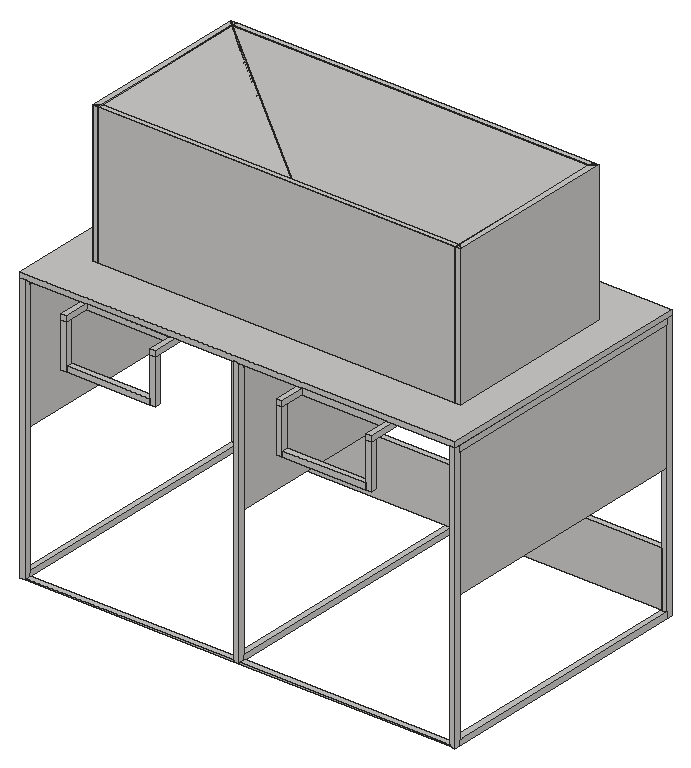
Revit family "QF_Brema_DRB100", category Specialty Equipment, Revit 2012
Parameters (values of type "DRB100")
  Width = 1560 mm
  Weight = "135 kg"
  Watts = 0 W
  Volts = 0 V
  URL Cutsheet = ""
  URL = "www.bremaice.it"
  Status [instance] = ""
  Specification by User [instance] = ""
  Specification by Manufacturer [instance] = ""
  Show Logo [instance] = yes
  Show Clearance [instance] = yes
  Serial Number = ""
  Seismic Rating = ""
  SMACNA No = ""
  Revision Code [instance] = ""
  Refrigerant Volume [instance] = 0.00 kN
  Refrigerant Type = "R404A"
  Plumbing Remarks [instance] = ""
  Plumbing Connection Type [instance] = ""
  Phase = 1
  Number of Poles [instance] = 1
  NAFEM Spec ID Number = ""
  Model = "DRB100"
  Min Ckt Ampacity = 0 A
  Max Overcurrent Protection = 0 A
  Manufacturer = "BREMA"
  Item Number [instance] = ""
  Installed By [instance] = ""
  Indirect Waste Size = 1"
  Indirect Waste Radius = Indirect Waste Size / 2  # 1/2"
  Indirect Waste Flow [instance] = 0 m³/h
  Indirect Waste Connection Type [instance] = ""
  Indirect Waste Connection Height = 0 mm
  Identify Quantity as Lot [instance] = no
  Height = 1484 mm
  HP = ""
  Furnished By [instance] = ""
  Foodservice Equipment Identifier [instance] = yes
  FL Amps = 0 A
  Electrical Remarks [instance] = ""
  Electric Connection Type [instance] = ""
  Elec Conn RI Height [instance] = 0 mm
  Elec Conn Connection Height = 0 mm
  Description = "STORAGE BINS"
  Depth = 1060 mm
  Daily Production [instance] = "0,0 kg/24h T=21°C:15°C"
  Cycle = 0 Hz
  Conn Plug = ""
  Conn Conduit = yes
  Cold Water Temperature Recommended [instance] = 0 °C
  Cold Water Size Radius = Cold Water Size / 2  # 3/8"
  Cold Water Size = 3/4"
  Cold Water RI Height [instance] = 0 mm
  Cold Water Minimum Pressure = 0.0 bar
  Cold Water Maximum Pressure = 0.0 bar
  Cold Water Flow [instance] = 0 m³/h
  Cold Water Consumption [instance] = "0 l/kg"
  Cold Water Connection Height = 0 mm
  CSI MasterFormat = ""
  BTUH = 0 W
  Assembly Code = "E1090320"
  Apparent Power = 0 VA
Reference planes
  plane 1 "BACK": y = 0
  plane 2: z = 0
  plane 3 "LEFT": x = 0
  plane 4 "RIGHT": x = 1560
  plane 5 "FRONT": y = -1060
  plane 6 "TOP": z = 1484
Forms (mm)
  Extrusion 1, solid
    sketch origin (0, 0, 1484) x (-1, 0, 0) y (0, -1, 0)
      loop
        line (0, 0) -> (0, 970) -> (-1560, 970) -> (-1560, 0) -> (0, 0)
    from -520 to -500
  Extrusion 2, solid
    sketch origin (0, 0, 1484) x (-1, 0, 0) y (0, -1, 0)
      loop
        line (0, 950) -> (0, 970) -> (-20, 970) -> (-20, 950) -> (0, 950)
    from -1484 to -520
  Extrusion 3, solid
    sketch origin (765, 0, 1484) x (-1, 0, 0) y (0, -1, 0)
      loop
        line (0, 950) -> (0, 970) -> (-20, 970) -> (-20, 950) -> (0, 950)
    from -1484 to -520
  Extrusion 4, solid
    sketch origin (1540, 0, 1484) x (-1, 0, 0) y (0, -1, 0)
      loop
        line (0, 950) -> (0, 970) -> (-20, 970) -> (-20, 950) -> (0, 950)
    from -1484 to -520
  Extrusion 5, solid
    sketch origin (0, 950, 1484) x (-1, 0, 0) y (0, -1, 0)
      loop
        line (0, 950) -> (0, 970) -> (-20, 970) -> (-20, 950) -> (0, 950)
    from -1484 to -520
  Extrusion 6, solid
    sketch origin (1540, 950, 1484) x (-1, 0, 0) y (0, -1, 0)
      loop
        line (0, 950) -> (0, 970) -> (-20, 970) -> (-20, 950) -> (0, 950)
    from -1484 to -520
  Extrusion 7, solid
    sketch origin (-2000, -1060, 0) x (1, 0, 0) y (0, 0, 1)
      loop
        line (2020, 964) -> (2020, 484) -> (3540, 484) -> (3540, 964) -> (2020, 964)
    from -1040 to -1060
  Extrusion 8, solid
    sketch origin (-2000, -1060, 0) x (1, 0, 0) y (0, 0, 1)
      loop
        line (2000, 964) -> (2000, 944) -> (2020, 944) -> (2020, 964) -> (2000, 964)
    from -1040 to -110
  Extrusion 9, solid
    sketch origin (-2000, -1060, 0) x (1, 0, 0) y (0, 0, 1)
      loop
        line (2000, 944) -> (2000, 484) -> (2020, 484) -> (2020, 944) -> (2000, 944)
    from -1040 to -110
  Extrusion 10, solid
    sketch origin (-1235, -1060, 0) x (1, 0, 0) y (0, 0, 1)
      loop
        line (2000, 964) -> (2000, 944) -> (2020, 944) -> (2020, 964) -> (2000, 964)
    from -1040 to -110
  Extrusion 11, solid
    sketch origin (-1235, -1060, 0) x (1, 0, 0) y (0, 0, 1)
      loop
        line (2000, 944) -> (2000, 484) -> (2020, 484) -> (2020, 944) -> (2000, 944)
    from -1040 to -110
  Extrusion 12, solid
    sketch origin (-460, -1060, 0) x (1, 0, 0) y (0, 0, 1)
      loop
        line (2000, 964) -> (2000, 944) -> (2020, 944) -> (2020, 964) -> (2000, 964)
    from -1040 to -110
  Extrusion 13, solid
    sketch origin (-460, -1060, 0) x (1, 0, 0) y (0, 0, 1)
      loop
        line (2000, 944) -> (2000, 484) -> (2020, 484) -> (2020, 944) -> (2000, 944)
    from -1040 to -110
  Extrusion 14, solid
    sketch origin (-2000, -1060, -944) x (1, 0, 0) y (0, 0, 1)
      loop
        line (2000, 964) -> (2000, 944) -> (2020, 944) -> (2020, 964) -> (2000, 964)
    from -1040 to -110
  Extrusion 15, solid
    sketch origin (-1235, -1060, -944) x (1, 0, 0) y (0, 0, 1)
      loop
        line (2000, 964) -> (2000, 944) -> (2020, 944) -> (2020, 964) -> (2000, 964)
    from -1060 to -110
  Extrusion 16, solid
    sketch origin (-460, -1060, -944) x (1, 0, 0) y (0, 0, 1)
      loop
        line (2000, 964) -> (2000, 944) -> (2020, 944) -> (2020, 964) -> (2000, 964)
    from -1040 to -110
  Extrusion 17, solid
    sketch origin (0, -1060, 0) x (1, 0, 0) y (0, 0, 1)
      loop
        line (20, 0) -> (765, 0) -> (765, 5) -> (20, 5) -> (20, 0)
    from -110 to -90
  Extrusion 18, solid
    sketch origin (765, -1060, 0) x (1, 0, 0) y (0, 0, 1)
      loop
        line (20, 0) -> (775, 0) -> (775, 5) -> (20, 5) -> (20, 0)
    from -110 to -90
  Extrusion 19, solid
    sketch origin (-2000, -1060, 0) x (1, 0, 0) y (0, 0, 1)
      loop
        line (2020, 220) -> (2020, 20) -> (3540, 20) -> (3540, 220) -> (2020, 220)
    from -1060 to -1040
  Extrusion 20, solid
    sketch origin (-2000, 0, 1484) x (-1, 0, 0) y (0, -1, 0)
      loop
        line (-2120, 175.5) -> (-2120, 794.5) -> (-2140, 794.5) -> (-2140, 175.5) -> (-2120, 175.5)
    from -500 to 0
  Extrusion 21, solid
    sketch origin (-700, 0, 1484) x (-1, 0, 0) y (0, -1, 0)
      loop
        line (-2120, 175.5) -> (-2120, 794.5) -> (-2140, 794.5) -> (-2140, 175.5) -> (-2120, 175.5)
    from -500 to 0
  Extrusion 22, solid
    sketch origin (934.5, 1944.5, 1484) x (0, 1, 0) y (-1, 0, 0)
      loop
        line (-2120, -485.5) -> (-2120, 794.5) -> (-2140, 794.5) -> (-2140, -485.5) -> (-2120, -485.5)
    from -500 to 0
  Extrusion 23, solid
    sketch origin (934.5, 1345.5, 1484) x (0, 1, 0) y (-1, 0, 0)
      loop
        line (-2120, -485.5) -> (-2120, 794.5) -> (-2140, 794.5) -> (-2140, -485.5) -> (-2120, -485.5)
    from -500 to 0
  Extrusion 24, solid
    sketch origin (218, 0, 1484) x (-1, 0, 0) y (0, -1, 0)
      loop
        line (0, 950) -> (0, 1060) -> (-20, 1060) -> (-20, 950) -> (0, 950)
    from -540 to -520
  Extrusion 25, solid
    sketch origin (218, 0, -50) x (0, 1, 0) y (0, 0, 1)
      loop
        line (-1060, 994) -> (-1060, 834) -> (-1040, 834) -> (-1040, 994) -> (-1060, 994)
    from 0 to 20
  Extrusion 26, solid
    sketch origin (538, 0, 1484) x (-1, 0, 0) y (0, -1, 0)
      loop
        line (0, 950) -> (0, 1060) -> (-20, 1060) -> (-20, 950) -> (0, 950)
    from -540 to -520
  Extrusion 27, solid
    sketch origin (538, 0, -50) x (0, 1, 0) y (0, 0, 1)
      loop
        line (-1060, 994) -> (-1060, 834) -> (-1040, 834) -> (-1040, 994) -> (-1060, 994)
    from 0 to 20
  Extrusion 28, solid
    sketch origin (0, 0, -50) x (0, 1, 0) y (0, 0, 1)
      loop
        line (-1040, 834) -> (-1040, 854) -> (-1060, 854) -> (-1060, 834) -> (-1040, 834)
    from 538 to 238
  Extrusion 29, solid
    sketch origin (0, 90, 110) x (0, 1, 0) y (0, 0, 1)
      loop
        line (-1040, 834) -> (-1040, 854) -> (-1060, 854) -> (-1060, 834) -> (-1040, 834)
    from 538 to 238
  Extrusion 30, solid
    sketch origin (1332, 0, 1484) x (1, 0, 0) y (0, 1, 0)
      loop
        line (0, -950) -> (-20, -950) -> (-20, -1060) -> (0, -1060) -> (0, -950)
    from -540 to -520
  Extrusion 31, solid
    sketch origin (1332, 0, -50) x (0, 1, 0) y (0, 0, -1)
      loop
        line (-1060, -994) -> (-1040, -994) -> (-1040, -834) -> (-1060, -834) -> (-1060, -994)
    from 0 to 20
  Extrusion 32, solid
    sketch origin (1012, 0, 1484) x (1, 0, 0) y (0, 1, 0)
      loop
        line (0, -950) -> (-20, -950) -> (-20, -1060) -> (0, -1060) -> (0, -950)
    from -540 to -520
  Extrusion 33, solid
    sketch origin (1012, 0, -50) x (0, 1, 0) y (0, 0, -1)
      loop
        line (-1060, -994) -> (-1040, -994) -> (-1040, -834) -> (-1060, -834) -> (-1060, -994)
    from 0 to 20
  Extrusion 34, solid
    sketch origin (1550, 0, -50) x (0, 1, 0) y (0, 0, -1)
      loop
        line (-1040, -834) -> (-1060, -834) -> (-1060, -854) -> (-1040, -854) -> (-1040, -834)
    from 538 to 238
  Extrusion 35, solid
    sketch origin (1550, 90, 110) x (0, 1, 0) y (0, 0, -1)
      loop
        line (-1040, -834) -> (-1060, -834) -> (-1060, -854) -> (-1040, -854) -> (-1040, -834)
    from 538 to 238
  Extrusion 36, solid, detail levels coarse
    sketch origin (0, 0, 1484) x (-1, 0, 0) y (0, -1, 0)
      loop
        line (0, 0) -> (-1560, 0) -> (-1560, -50) -> (0, -50) -> (0, 0)
    from -1484 to 0
  Blend 37, solid
    base sketch origin (0, 1000, 1484) x (-1, 0, 0) y (0, -1, 0)
      loop
        line (-120, 1794.5) -> (-630, 1575) -> (-630, 1395) -> (-120, 1175.5) -> (-120, 1794.5)
    top sketch origin (0, 1000, 1484) x (-1, 0, 0) y (0, -1, 0)
      loop
        line (-120, 1794.5) -> (-140, 1774.5) -> (-140, 1195.5) -> (-120, 1175.5) -> (-120, 1794.5)
    from -500 to 0
  Blend 38, solid
    base sketch origin (1560, 1000, 1484) x (1, 0, 0) y (0, 1, 0)
      loop
        line (-120, -1794.5) -> (-120, -1175.5) -> (-630, -1395) -> (-630, -1575) -> (-120, -1794.5)
    top sketch origin (1560, 1000, 1484) x (1, 0, 0) y (0, 1, 0)
      loop
        line (-120, -1794.5) -> (-120, -1175.5) -> (-140, -1195.5) -> (-140, -1774.5) -> (-120, -1794.5)
    from -500 to 0
  Blend 39, solid
    base sketch origin (0, 1000, 1484) x (-1, 0, 0) y (0, -1, 0)
      loop
        line (-120, 1175.5) -> (-630, 1395) -> (-930, 1395) -> (-1440, 1175.5) -> (-120, 1175.5)
    top sketch origin (0, 1000, 1484) x (-1, 0, 0) y (0, -1, 0)
      loop
        line (-120, 1175.5) -> (-140, 1195.5) -> (-1420, 1195.5) -> (-1440, 1175.5) -> (-120, 1175.5)
    from -500 to 0
  Blend 40, solid
    base sketch origin (0, -1970, 1484) x (-1, 0, 0) y (0, -1, 0)
      loop
        line (-120, -1175.5) -> (-1440, -1175.5) -> (-930, -1395) -> (-630, -1395) -> (-120, -1175.5)
    top sketch origin (0, -1970, 1484) x (-1, 0, 0) y (0, -1, 0)
      loop
        line (-120, -1175.5) -> (-1440, -1175.5) -> (-1420, -1195.5) -> (-140, -1195.5) -> (-120, -1175.5)
    from -500 to 0
Lines and regions (mm)
  symbolic lines, style "200-EquipBorder-2D"
    curve 1: line (0, 0, 1484) -> (1560, 0, 1484)
    curve 2: line (1560, 0, 1484) -> (1560, -970, 1484)
    curve 3: line (1560, -970, 1484) -> (1332, -970, 1484)
    curve 4: line (1332, -970, 1484) -> (1332, -1060, 1484)
    curve 5: line (1332, -1060, 1484) -> (992, -1060, 1484)
    curve 6: line (992, -1060, 1484) -> (992, -970, 1484)
    curve 7: line (992, -970, 1484) -> (558, -970, 1484)
    curve 8: line (558, -970, 1484) -> (558, -1060, 1484)
    curve 9: line (558, -1060, 1484) -> (218, -1060, 1484)
    curve 10: line (218, -1060, 1484) -> (218, -970, 1484)
    curve 11: line (218, -970, 1484) -> (0, -970, 1484)
    curve 12: line (0, -970, 1484) -> (0, 0, 1484)
  symbolic lines, style "200-EquipInternal-2D"
    curve 13: line (120, -175.5, 1484) -> (1440, -175.5, 1484)
    curve 14: line (120, -794.5, 1484) -> (120, -175.5, 1484)
    curve 15: line (1440, -794.5, 1484) -> (120, -794.5, 1484)
    curve 16: line (1440, -175.5, 1484) -> (1440, -794.5, 1484)
    curve 17: line (140, -195.5, 1484) -> (1420, -195.5, 1484)
    curve 18: line (140, -774.5, 1484) -> (140, -195.5, 1484)
    curve 19: line (1420, -774.5, 1484) -> (140, -774.5, 1484)
    curve 20: line (1420, -195.5, 1484) -> (1420, -774.5, 1484)
    curve 21: line (218, -970, 1484) -> (558, -970, 1484)
    curve 22: line (238, -1040, 1484) -> (238, -970, 1484)
    curve 23: line (538, -1040, 1484) -> (238, -1040, 1484)
    curve 24: line (538, -970, 1484) -> (538, -1040, 1484)
    curve 25: line (992, -970, 1484) -> (1332, -970, 1484)
    curve 26: line (1012, -1040, 1484) -> (1012, -970, 1484)
    curve 27: line (1312, -1040, 1484) -> (1012, -1040, 1484)
    curve 28: line (1312, -970, 1484) -> (1312, -1040, 1484)
    curve 29: line (140, -195.5, 1484) -> (630, -395, 1484)
    curve 30: line (140, -774.5, 1484) -> (630, -575, 1484)
    curve 31: line (930, -395, 1484) -> (1420, -195.5, 1484)
    curve 32: line (930, -575, 1484) -> (1420, -774.5, 1484)
    curve 33: line (630, -575, 1484) -> (930, -575, 1484)
    curve 34: line (630, -395, 1484) -> (630, -575, 1484)
    curve 35: line (930, -395, 1484) -> (630, -395, 1484)
    curve 36: line (930, -575, 1484) -> (930, -395, 1484)
  symbolic lines, style "QF_Clearances"
    curve 37: line (0, 50, 1484) -> (1560, 50, 1484)
Dimensions and locks
  plane 3 "LEFT" to plane 4 "RIGHT" = 1560 mm
  plane 5 "FRONT" to plane 1 "BACK" = 1060 mm
  plane 6 "TOP" to plane 2 = 1484 mm
  aligned and locked: level to plane 2
